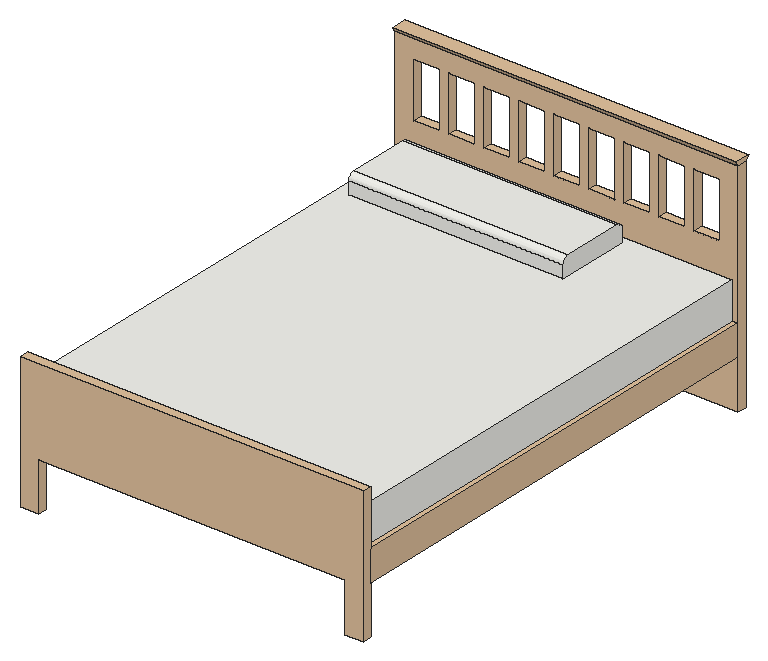
Revit family "0be80dbf5b964ead9a59cf16178fe589", category Furniture, Revit 2025
Family settings
  Work Plane-Based = No
  Enable Cutting in Views = No
  Always vertical = Yes
  Cut with Voids When Loaded = No
  Render Appearance Source = Family Geometry
  Shared = No
  Room Calculation Point = No
Parameters (values of type "1422x1981x330mm-Double")
  Material Frame = Wood - Birch
  Length = 1981.20 mm
  Material Mattress = Textile - White
  Width = 1422.40 mm
  Keynote = "N"
  Default Elevation = 0.00 mm
Types (5, lengths in mm): name | Length | Width
  (no name) | 1981.20 | 1422.40
  1422x1981x330mm-Double | 1981.20 | 1422.40
  1040x1981x330mm-Twin | 1981.20 | 1041.40
  1575x2108x330mm-Queen | 2108.20 | 1574.80
  1981x2108x330mm-King | 2108.20 | 1981.20
Reference planes
  plane 1 "Back": y = 0
  plane 2: z = 0
  plane 3 "Center (Left/Right)": x = -19.05
  plane 4: x = -730.25
  plane 5: x = 692.15
  plane 6 "Front": y = -1981.2
  plane 7: z = 914.4
  plane 8: z = 482.6
  plane 9: x = 654.05
Forms (mm)
  Extrusion 1, solid, material "Wood - Birch" <- "Material Frame"
    sketch origin (0, 0, 0) x (1, 0, 0) y (0, 0, 1)
      loop
        line (-730.037, 914.4) -> (-730.037, 0) -> (-654.05, 0) -> (-654.05, 203.2) -> (234.95, 203.2) -> (234.95, 0) -> (692.417, 0) -> (692.417, 914.4) -> (-730.037, 914.4)
      loop
        line (-654.05, 838.2) -> (-654.05, 609.6) -> (-546.806, 609.6) -> (-546.806, 838.2) -> (-654.05, 838.2)
      loop
        line (-508.706, 838.2) -> (-508.706, 609.6) -> (-401.461, 609.6) -> (-401.461, 838.2) -> (-508.706, 838.2)
      loop
        line (-363.361, 838.2) -> (-363.361, 609.6) -> (-256.117, 609.6) -> (-256.117, 838.2) -> (-363.361, 838.2)
      loop
        line (-218.017, 838.2) -> (-218.017, 609.6) -> (-110.772, 609.6) -> (-110.772, 838.2) -> (-218.017, 838.2)
      loop
        line (72.672, 838.2) -> (72.672, 609.6) -> (179.917, 609.6) -> (179.917, 838.2) -> (72.672, 838.2)
      loop
        line (218.017, 838.2) -> (218.017, 609.6) -> (325.261, 609.6) -> (325.261, 838.2) -> (218.017, 838.2)
      loop
        line (363.361, 838.2) -> (363.361, 609.6) -> (470.606, 609.6) -> (470.606, 838.2) -> (363.361, 838.2)
      loop
        line (508.706, 838.2) -> (508.706, 609.6) -> (615.95, 609.6) -> (615.95, 838.2) -> (508.706, 838.2)
      loop
        line (-72.672, 838.2) -> (-72.672, 609.6) -> (34.572, 609.6) -> (34.572, 838.2) -> (-72.672, 838.2)
    from 0 to 38.1
  Extrusion 2, solid, material "Wood - Birch" <- "Material Frame"
    sketch origin (0, -1981.2, 0) x (1, 0, 0) y (0, 0, 1)
      loop
        line (-730.25, 0) -> (-654.05, 0) -> (-654.05, 203.2) -> (615.95, 203.2) -> (615.95, 0) -> (692.15, 0) -> (692.15, 558.8) -> (-730.25, 558.8) -> (-730.25, 0)
    from 0 to -38.1
  Extrusion 3, solid, material "Wood - Birch" <- "Material Frame"
    sketch origin (0, 0, 0) x (0, -1, 0) y (0, 0, 1)
      loop
        line (38.1, 203.576) -> (1943.1, 203.576) -> (1943.1, 330.576) -> (38.1, 330.576) -> (38.1, 203.576)
    from 704.85 to 730.25
  Extrusion 4, solid, material "Wood - Birch" <- "Material Frame"
    sketch origin (692.15, 0, 0) x (0, -1, 0) y (0, 0, 1)
      loop
        line (1943.1, 203.099) -> (1943.1, 330.099) -> (38.1, 330.099) -> (38.1, 203.099) -> (1943.1, 203.099)
    from 0 to 25.4
  Extrusion 5, solid, material "Textile - White" <- "Material Mattress"
    sketch origin (0, 0, 0) x (1, 0, 0) y (0, 1, 0)
      loop
        line (-704.85, -38.1) -> (-704.85, -1943.1) -> (666.75, -1943.1) -> (666.75, -38.1) -> (-704.85, -38.1)
    from 228.6 to 482.6
  Extrusion 6, solid, material "Textile - White" <- "Material Mattress"
    sketch origin (-730.25, 0, 0) x (0, -1, 0) y (0, 0, 1)
      loop
        line (68.449, 482.6) -> (373.249, 482.6) -> (373.249, 533.4)
        arc (373.249, 533.4) -> (365.809, 551.361) -> (347.849, 558.8) r 25.4
        line (347.849, 558.8) -> (93.849, 558.8)
        arc (93.849, 558.8) -> (75.888, 551.361) -> (68.449, 533.4) r 25.4
        line (68.449, 533.4) -> (68.449, 482.6)
    from -965.2 to -76.2
  Sweep 7, solid, material "Wood - Birch" <- "Material Frame"
    path origin (0, 0, 0) x (1, 0, 0) y (0, 1, 0)
      loop
        line (-730.037, 0) -> (692.417, 0)
    profile origin (-18.81, 0, 0) x (0, 1, 0) y (0, 0, 1)
      loop
        line (0, 914.4) -> (13.855, 933.45) -> (-51.955, 933.45) -> (-38.1, 914.4) -> (0, 914.4)
Lines and regions (mm)
  Masking region 1
    outline origin (0, 0, 0) x (1, 0, 0) y (0, 1, 0)
      loop
        line (-730.25, 0) -> (-730.25, -1981.2) -> (692.15, -1981.2) -> (692.15, 0) -> (-730.25, 0)
  symbolic lines
    curve 1: line (692.15, -1981.2, 0) -> (-730.037, -1981.2, 0)
    curve 2: line (692.15, 0, 0) -> (692.15, -1981.2, 0)
    curve 3: line (-730.037, 0, 0) -> (692.15, 0, 0)
    curve 4: line (-730.037, -1981.2, 0) -> (-730.037, 0, 0)
    curve 5: line (692.15, -1943.1, 0) -> (-730.037, -1943.1, 0)
    curve 6: line (692.15, -51.955, 0) -> (-730.037, -51.955, 0)
    curve 7: line (615.95, -373.249, 0) -> (-654.05, -373.249, 0)
    curve 8: line (615.95, -68.449, 0) -> (615.95, -373.249, 0)
    curve 9: line (-654.05, -68.449, 0) -> (615.95, -68.449, 0)
    curve 10: line (-654.05, -373.249, 0) -> (-654.05, -68.449, 0)
Dimensions and locks
  equal spacing: plane 4, plane 3 "Center (Left/Right)", plane 5
  "Width": plane 4 to plane 5
  "Length": plane 6 "Front" to plane 1 "Back"
  locked: Extrusion 1 sketch curve to Extrusion 1 sketch curve at 75.987
  locked: Extrusion 1 sketch curve to Extrusion 1 sketch curve at 38.1  (x8)
  plane 2 to plane 7 = 914.40 mm
  Extrusion 1 to plane 1 "Back" = 38.10 mm
  locked: Extrusion 3 to plane 4 at 25.4  (x2)
  locked: plane 6 "Front" to Extrusion 3 sketch curve at 38.1
  locked: Extrusion 3 sketch curve to plane 1 "Back" at 38.1
  locked: plane 6 "Front" to Extrusion 4 sketch curve at 38.1
  locked: Extrusion 4 sketch curve to plane 1 "Back" at 38.1
  locked: Extrusion 4 to Extrusion 4 at 25.4
  locked: Extrusion 4 to plane 5 at 25.4
  locked: Extrusion 5 sketch curve to Extrusion 1 at 38.1
  locked: plane 6 "Front" to Extrusion 5 sketch curve at 38.1
  equal spacing: Extrusion 1 sketch curve, plane 3 "Center (Left/Right)", Extrusion 1 sketch curve
  equal spacing: plane 9, Extrusion 1 sketch curve, Extrusion 1 sketch curve, Extrusion 1 sketch curve, Extrusion 1 sketch curve, Extrusion 1 sketch curve, Extrusion 1 sketch curve, Extrusion 1 sketch curve, Extrusion 1 sketch curve, Extrusion 1 sketch curve
  locked: plane 9 to plane 5 at 38.1
  locked: plane 5 to Extrusion 1 sketch curve at 76.2
  aligned and locked: plane 7 to Extrusion 1 sketch curve
  aligned and locked: plane 4 to Extrusion 2 sketch curve
  aligned and locked: Extrusion 2 sketch curve to plane 5
  aligned and locked: plane 4 to Extrusion 3
  aligned and locked: Extrusion 1 to Extrusion 6
  aligned and locked: Extrusion 6 to Extrusion 1
  aligned and locked: Sweep 7 sketch curve to Extrusion 1  (x3)
Automatic sketch dimensions
  Extrusion 1 sketch curve to level = 0.00 mm  (x2)
  Extrusion 1 sketch curve to plane 4 = 76.20 mm
  plane 5 to Extrusion 1 sketch curve = 457.20 mm
  level to Extrusion 1 sketch curve = 203.20 mm
  level to Extrusion 1 sketch curve = 609.60 mm
  Extrusion 1 sketch curve to Extrusion 1 sketch curve = 0.00 mm  (x12)
  Extrusion 1 sketch curve to Extrusion 1 sketch curve = 304.80 mm  (x2)
  plane 7 to Extrusion 1 sketch curve = 76.20 mm  (x3)
  Extrusion 1 sketch curve to plane 5 = 0.267 mm
  Extrusion 2 sketch curve to level = 0.00 mm  (x2)
  Extrusion 2 sketch curve to plane 4 = 76.20 mm
  Extrusion 2 sketch curve to Extrusion 2 sketch curve = 76.20 mm
  level to Extrusion 2 sketch curve = 203.20 mm
  Extrusion 2 sketch curve to Extrusion 2 sketch curve = 355.60 mm
  level to Extrusion 3 sketch curve = 203.576 mm
  Extrusion 3 sketch curve to Extrusion 3 sketch curve = 127.00 mm
  level to Extrusion 4 sketch curve = 203.099 mm
  Extrusion 4 sketch curve to Extrusion 4 sketch curve = 127.00 mm
  Extrusion 5 sketch curve to plane 4 = 25.40 mm
  plane 5 to Extrusion 5 sketch curve = 25.40 mm
  Sweep 7 sketch curve to profile plane = 0.00 mm
  profile plane to Sweep 7 sketch curve = 38.10 mm
  Sweep 7 sketch curve to Sweep 7 sketch curve = 13.855 mm
  Sweep 7 sketch curve to profile plane = 13.855 mm
  level to Sweep 7 sketch curve = 914.40 mm
  Sweep 7 sketch curve to Sweep 7 sketch curve = 19.05 mm
  Extrusion 6 sketch curve to plane 8 = 0.00 mm
  plane 1 "Back" to Extrusion 6 sketch curve = 68.449 mm
  Extrusion 6 sketch curve to Extrusion 6 sketch curve = 25.40 mm  (x2)
  plane 8 to Extrusion 6 sketch curve = 50.80 mm
  Extrusion 6 sketch curve to Extrusion 6 sketch curve = 254.00 mm
  curve 1 to plane 6 "Front" = 0.00 mm
  curve 3 to plane 1 "Back" = 0.00 mm
  curve 2 to plane 5 = 0.00 mm
  plane 5 to curve 8 = 76.20 mm
  curve 7 to plane 4 = 76.20 mm
  curve 4 to plane 4 = 0.213 mm
  curve 5 to plane 6 "Front" = 38.10 mm
  plane 1 "Back" to curve 7 = 373.249 mm
  plane 1 "Back" to curve 9 = 68.449 mm
  curve 6 to curve 3 = 51.955 mm
  Masking region 1 sketch curve to plane 4 = 0.00 mm
  Masking region 1 sketch curve to plane 5 = 0.00 mm
  Masking region 1 sketch curve to plane 6 "Front" = 0.00 mm
  Masking region 1 sketch curve to plane 1 "Back" = 0.00 mm
